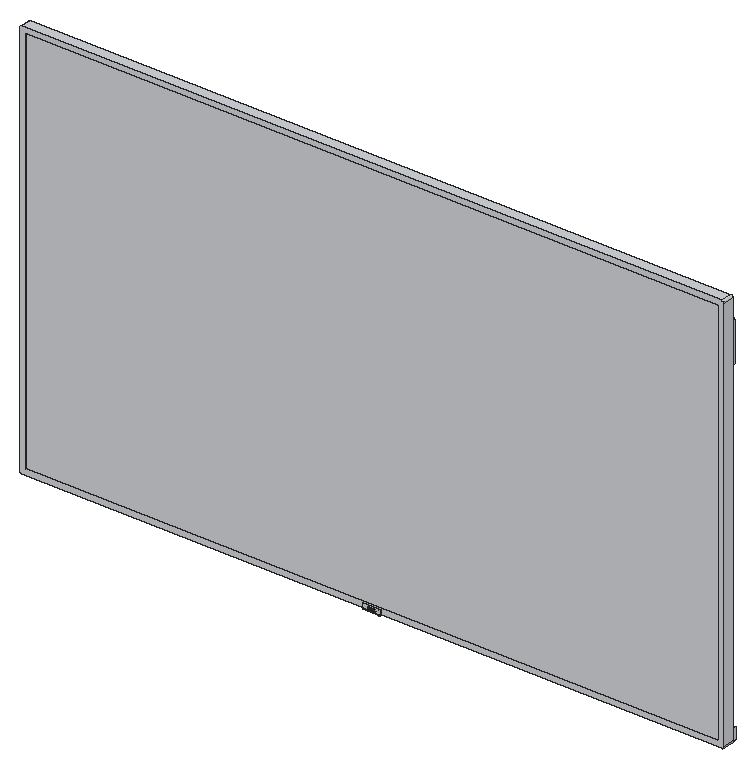
Revit family "C861Q (FINAL)", category Generic Models, Revit 2012
Parameters
  URL = "www.necdisplay.com"
  SENSORS- Temperature Sensor = "Integrated and programmable; linked to cooling fans"
  SENSORS- NFC Sensor = "Integrated; works in conjunction with free NEC Intelligent Wireless Data Application"
  SENSORS- Human Sensor = "Optional through KT-RC2 Accessory"
  SENSORS- Ambient Light Sensor = "Integrated and programmable"
  POWER CONSUMPTION- Speaker Rating = "Integrated 10W x 10W, Optional 15W x 2"
  POWER CONSUMPTION- On (Typ/Max Bightness/Overall Max) = "230W / 300W / 425W"
  POWER CONSUMPTION- Normal Standby = "0.5W"
  POWER CONSUMPTION- Network Standby = "2W"
  POWER CONSUMPTION- Current Rating = "5.0A @ 100V, 2.1A @ 240V"
  PHYSICAL SPECS- Vesa Hole Configuration = "8x M8 x 16mm (600 x 400, 400 x 400)"
  PHYSICAL SPECS- Net Weight (w/o Stand) = "127.2 lbs / 57.8 kg"
  PHYSICAL SPECS- Net Dimensions (w/o Stand, WxHxD) = "75.9 x 43.3 x 2.9 in. (1928.2 x 1099.2 x 74.3 mm)"
  PHYSICAL SPECS- Bezel Width (L/R, T/B) = "1530.0mm / 1530.0mm/ 1530.0mm/ 1530.0mm"
  Model = "C751Q"  # constant formula
  Manufacturer = "NEC Display Solutions"  # constant formula
  LCD MODULE- Contrast Ratio (Typical) = "1200:1 native, not included localized dimming"
  LCD MODULE- Viewing Angle = "178deg Vert., 178deg Hor (89U/89D/89L/89R) @ CR>10"
  LCD MODULE- Viewable Image Size = "86\""
  LCD MODULE- Panel Technology = "E-LED, S-IPS"
  LCD MODULE- Orientation = "Landscape and Portrait"
  LCD MODULE- Panel Haze (%) = "28"
  LCD MODULE- Native Resolution = "3840 x 2160"
  LCD MODULE- Displayable Colors = "Over 1.07 Billion"
  LCD MODULE- Brightness (Typical/Minimum) = "245 cd/sqm / 350 cd/sqm"
  LCD MODULE- Aspect Ratio = "16 : 9"
  ENVIRONMENTAL CONDITIONS- Operating Temperature = "0 to 40 C"
  ENVIRONMENTAL CONDITIONS- Operating Humidity = "20 - 80%"
  ENVIRONMENTAL CONDITIONS- Operating Altitude = "3000m (9843ft)"
  Description = "NEC Ultra High Definition Large Format Display"  # constant formula
  CONNECTIVITY- Output Terminals- External Control = "LAN (100mb)"
  CONNECTIVITY- Output Terminals- Digital = "HDMI 2.0x3 (with HDCP), DisplayPort 1.2x2 (with HDCP)"
  CONNECTIVITY- Output Terminals- Audio = "3.5mm Mini Jack, HDMI Audio x3, DisplayPort Audio x2"
  CONNECTIVITY- Input Terminals- External Control = "LAN (100Mbit), 3.5 Mini Jack IR Remote, RS232C"
  CONNECTIVITY- Input Terminals- Digital = "HDMI 2.0 x2 (with HDCP), DVI-D (with HDCP), DisplayPort x2 (with HDCP)"
  CONNECTIVITY- Input Terminals- Data = "microSD (Media Player), USB 2.0 (Media Player), USB 2.0 (Service), USB Type-B (Upstream), USB 2.0 x2 (Compute Module, USB CM1 is Powered 5V/2A)"
  CONNECTIVITY- Input Terminals- Audio = "3.5mm Audio Mini Jack x2, DisplayPort Audio x2, HDMI Audio x3"
  CONNECTIVITY- Input Terminals- Analog = "none"
Reference planes
  plane 1 "Center (Front/Back)": y = 0
  plane 2: z = 0
  plane 3 "Center (Left/Right)": x = 0
  plane 4: z = 1099.2
Forms (mm)
  Extrusion 1, solid
    sketch origin (0, 0, 0) x (1, 0, 0) y (0, 0, 1)
      loop
        line (-964.1, 1092.85) -> (-964.1, 6.35)
        arc (-964.1, 6.35) -> (-962.24, 1.86) -> (-957.75, 0) r 6.35
        line (-957.75, 0) -> (957.75, 0)
        arc (957.75, 0) -> (962.24, 1.86) -> (964.1, 6.35) r 6.35
        line (964.1, 6.35) -> (964.1, 1092.85)
        arc (964.1, 1092.85) -> (962.24, 1097.34) -> (957.75, 1099.2) r 6.35
        line (957.75, 1099.2) -> (-957.75, 1099.2)
        arc (-957.75, 1099.2) -> (-962.24, 1097.34) -> (-964.1, 1092.85) r 6.35
    from 52.5 to 82.8
  Extrusion 2, void
    sketch origin (0, 0, 0) x (1, 0, 0) y (0, 0, 1)
      loop
        line (-949.3, 14.8) -> (949.3, 14.8) -> (949.3, 1085.783) -> (-949.3, 1085.783) -> (-949.3, 14.8)
    from 79.882 to 113.336
  Extrusion 3, void
    sketch origin (0, -52.5, 0) x (1, 0, 0) y (0, 0, 1)
      loop
        circle (98.517, 260.526) r 4.65
      loop
        circle (-98.993, 260.526) r 4.65
      loop
        circle (-129.792, 466.837) r 4.65
      loop
        circle (129.317, 466.837) r 4.65
    from 0 to 20.692
  Blend 4, solid
    base sketch origin (0, -30.85, 616.982) x (0, 0, 1) y (1, 0, 0)
      loop
        arc (275.505, 669.037) -> (268.066, 686.997) -> (250.105, 694.437) r 25.4
        line (250.105, 694.437) -> (-461.518, 694.437)
        arc (-461.518, 694.437) -> (-479.479, 686.997) -> (-486.918, 669.037) r 25.4
        line (-486.918, 669.037) -> (-486.918, -669.037)
        arc (-486.918, -669.037) -> (-479.479, -686.997) -> (-461.518, -694.437) r 25.4
        line (-461.518, -694.437) -> (250.105, -694.437)
        arc (250.105, -694.437) -> (268.066, -686.997) -> (275.505, -669.037) r 25.4
        line (275.505, -669.037) -> (275.505, 669.037)
    top sketch origin (0, -30.85, 616.982) x (0, 0, 1) y (1, 0, 0)
      loop
        arc (175.973, 567.726) -> (172.253, 576.706) -> (163.273, 580.426) r 12.7
        line (163.273, 580.426) -> (-360.207, 580.426)
        arc (-360.207, 580.426) -> (-369.188, 576.706) -> (-372.907, 567.726) r 12.7
        line (-372.907, 567.726) -> (-372.907, -567.726)
        arc (-372.907, -567.726) -> (-369.188, -576.706) -> (-360.207, -580.426) r 12.7
        line (-360.207, -580.426) -> (163.273, -580.426)
        arc (163.273, -580.426) -> (172.253, -576.706) -> (175.973, -567.726) r 12.7
        line (175.973, -567.726) -> (175.973, 567.726)
    from -21.65 to 19.2
  Extrusion 5, solid
    sketch origin (124.06, -30.85, 616.982) x (0, 0, 1) y (1, 0, 0)
      loop
        spline (-533.312, 704.431) -> (-533.346, 704.953) -> (-533.448, 705.466) -> (-533.616, 705.961) -> (-533.848, 706.43) -> (-534.138, 706.865) -> (-534.483, 707.259) -> (-534.876, 707.604) -> (-535.311, 707.894) -> (-535.781, 708.126) -> (-536.276, 708.294) -> (-536.789, 708.396) -> (-537.311, 708.43)
        line (-537.311, 708.43) -> (-551.312, 708.43)
        spline (-551.312, 708.43) -> (-551.834, 708.396) -> (-552.348, 708.294) -> (-552.843, 708.126) -> (-553.312, 707.894) -> (-553.747, 707.604) -> (-554.14, 707.259) -> (-554.485, 706.865) -> (-554.776, 706.43) -> (-555.007, 705.961) -> (-555.175, 705.466) -> (-555.278, 704.953) -> (-555.312, 704.431)
        line (-555.312, 704.431) -> (-555.312, 542.429)
        spline (-555.312, 542.429) -> (-555.278, 541.907) -> (-555.175, 541.394) -> (-555.007, 540.899) -> (-554.776, 540.43) -> (-554.485, 539.995) -> (-554.14, 539.601) -> (-553.747, 539.256) -> (-553.312, 538.966) -> (-552.843, 538.734) -> (-552.348, 538.566) -> (-551.834, 538.464) -> (-551.312, 538.43)
        line (-551.312, 538.43) -> (-537.311, 538.43)
        spline (-537.311, 538.43) -> (-536.789, 538.464) -> (-536.276, 538.566) -> (-535.781, 538.734) -> (-535.311, 538.966) -> (-534.876, 539.256) -> (-534.483, 539.601) -> (-534.138, 539.995) -> (-533.848, 540.43) -> (-533.616, 540.899) -> (-533.448, 541.394) -> (-533.346, 541.907) -> (-533.312, 542.429)
        line (-533.312, 542.429) -> (-533.312, 704.431)
    from -21.65 to 37.2
  Extrusion 6, void
    sketch origin (77.783, 0, 0) x (1, 0, 0) y (0, 1, 0)
      loop
        line (576.137, -10.588) -> (670.723, -10.588)
        arc (670.723, -10.588) -> (682.054, -14.324) -> (688.941, -24.067) r 19.05
        line (688.941, -24.067) -> (696.925, -50.178) -> (714.756, -50.178) -> (714.756, 13.168) -> (530.606, 13.168) -> (530.606, -49.86) -> (550.033, -49.86) -> (557.919, -24.067)
        arc (557.919, -24.067) -> (564.805, -14.324) -> (576.137, -10.588) r 19.05
      loop
        arc (575, -18.588) -> (568.345, -21.26) -> (565.385, -27.792) r 9.624
        line (565.385, -27.792) -> (564.306, -52.5) -> (682.554, -52.5) -> (681.474, -27.773)
        arc (681.474, -27.773) -> (678.521, -21.254) -> (671.879, -18.588) r 9.604
        line (671.879, -18.588) -> (575, -18.588)
    from 52.047 to 91.346
  Extrusion 7, solid
    sketch origin (0, -30.85, 616.982) x (0, 0, 1) y (1, 0, 0)
      loop
        line (-616.982, 957.75) -> (-616.982, -957.75)
        arc (-616.982, -957.75) -> (-615.122, -962.24) -> (-610.632, -964.1) r 6.35
        line (-610.632, -964.1) -> (-580.582, -964.1) -> (-580.582, 964.1) -> (-610.632, 964.1)
        arc (-610.632, 964.1) -> (-615.122, 962.24) -> (-616.982, 957.75) r 6.35
    from -21.65 to -12.238
  Extrusion 8, solid
    sketch origin (123.5, 0, 0) x (0, 1, 0) y (0, 0, 1)
      loop
        line (-40.488, 7.62) -> (0, 7.62) -> (0, 139.12) -> (-50.488, 139.12) -> (-50.488, 41.42) -> (-40.488, 41.42) -> (-40.488, 7.62)
    from 733.99 to 757.99
  Extrusion 9, solid
    sketch origin (123.5, -30.85, 616.982) x (0, 0, 1) y (1, 0, 0)
      loop
        line (-493.862, 759.09) -> (-493.862, 758.09) -> (-477.362, 758.09) -> (-477.362, 733.89) -> (-493.862, 733.89) -> (-493.862, 732.89) -> (-477.366, 732.89)
        arc (-477.366, 732.89) -> (-476.656, 733.181) -> (-476.362, 733.89) r 1
        line (-476.362, 733.89) -> (-476.362, 758.09)
        arc (-476.362, 758.09) -> (-476.655, 758.797) -> (-477.362, 759.09) r 1
        line (-477.362, 759.09) -> (-493.862, 759.09)
    from -17.663 to 29.362
  Extrusion 10, solid
    sketch origin (123.5, -30.85, 616.982) x (0, 0, 1) y (1, 0, 0)
      loop
        line (-479.868, 772.29) -> (-554.068, 772.29)
        arc (-554.068, 772.29) -> (-555.475, 771.705) -> (-556.062, 770.297) r 2
        line (-556.062, 770.297) -> (-556.062, 757.99) -> (-477.862, 757.99) -> (-477.862, 770.294)
        arc (-477.862, 770.294) -> (-478.451, 771.708) -> (-479.868, 772.29) r 2
      loop
        line (-556.062, 733.99) -> (-556.062, 721.682)
        arc (-556.062, 721.682) -> (-555.47, 720.27) -> (-554.052, 719.69) r 2
        line (-554.052, 719.69) -> (-479.872, 719.69)
        arc (-479.872, 719.69) -> (-478.452, 720.271) -> (-477.862, 721.686) r 2
        line (-477.862, 721.686) -> (-477.862, 733.99) -> (-556.062, 733.99)
    from -21.65 to -19.328
  Blend 11, solid
    base sketch origin (0, -30.85, 616.982) x (0, 0, 1) y (1, 0, 0)
      loop
        line (-506.303, 247.422) -> (-506.303, 481.178)
        arc (-506.303, 481.178) -> (-510.023, 490.159) -> (-519.003, 493.878) r 12.7
        line (-519.003, 493.878) -> (-566.56, 493.878)
        arc (-566.56, 493.878) -> (-575.54, 490.159) -> (-579.26, 481.178) r 12.7
        line (-579.26, 481.178) -> (-579.26, 247.422)
        arc (-579.26, 247.422) -> (-575.54, 238.441) -> (-566.56, 234.722) r 12.7
        line (-566.56, 234.722) -> (-519.003, 234.722)
        arc (-519.003, 234.722) -> (-510.023, 238.441) -> (-506.303, 247.422) r 12.7
    top sketch origin (0, -30.85, 616.982) x (0, 0, 1) y (1, 0, 0)
      loop
        arc (-515.696, 480.9) -> (-516.749, 483.439) -> (-519.291, 484.486) r 3.586
        line (-519.291, 484.486) -> (-566.291, 484.486)
        arc (-566.291, 484.486) -> (-568.82, 483.432) -> (-569.868, 480.9) r 3.586
        line (-569.868, 480.9) -> (-569.868, 247.7)
        arc (-569.868, 247.7) -> (-568.82, 245.167) -> (-566.289, 244.114) r 3.586
        line (-566.289, 244.114) -> (-519.289, 244.114)
        arc (-519.289, 244.114) -> (-516.749, 245.162) -> (-515.696, 247.7) r 3.586
        line (-515.696, 247.7) -> (-515.696, 480.9)
    from -21.65 to -17.538
  Extrusion 12, void
    sketch origin (0, -48.388, 616.982) x (0, 0, -1) y (1, 0, 0)
      loop
        line (535.072, 454.142) -> (535.072, 370.429)
        arc (535.072, 370.429) -> (536.632, 366.661) -> (540.4, 365.1) r 5.329
        line (540.4, 365.1) -> (552.514, 365.1)
        arc (552.514, 365.1) -> (556.302, 366.669) -> (557.872, 370.458) r 5.358
        line (557.872, 370.458) -> (557.872, 454.142)
        arc (557.872, 454.142) -> (556.302, 457.931) -> (552.514, 459.5) r 5.358
        line (552.514, 459.5) -> (540.43, 459.5)
        arc (540.43, 459.5) -> (536.641, 457.931) -> (535.072, 454.142) r 5.358
    from 8.405 to -9.36
  Extrusion 13, solid
    sketch origin (0, -30.85, 616.982) x (0, 0, 1) y (1, 0, 0)
      loop
        circle (-546.072, 447.3) r 3.007
      loop
        circle (-546.072, 437.3) r 3.007
      loop
        circle (-546.072, 427.3) r 2.988
      loop
        circle (-546.072, 417.3) r 3.007
      loop
        circle (-546.072, 407.3) r 3.007
      loop
        circle (-546.072, 397.3) r 3.007
      loop
        circle (-546.072, 387.3) r 3.007
      loop
        circle (-546.072, 377.3) r 3.007
    from -25.943 to -21.65
  Extrusion 14, void
    sketch origin (0, -11.65, 616.982) x (0, 0, -1) y (1, 0, 0)
      loop
        circle (-62.818, 250) r 9.061
      loop
        circle (337.182, 250) r 9.061
      loop
        circle (337.182, -250) r 9.061
      loop
        circle (-62.818, -250) r 9.061
    from 19.092 to -9.003
  Extrusion 15, void
    sketch origin (0, -11.65, 616.982) x (0, 0, -1) y (1, 0, 0)
      loop
        line (87.181, 160) -> (7.182, 160) -> (7.182, 135.347)
        arc (7.182, 135.347) -> (9.14, 126.238) -> (14.666, 118.736) r 22.179
        line (14.666, 118.736) -> (66.585, 72.804) -> (7.183, 72.801) -> (7.182, 57.602) -> (87.181, 57.605) -> (87.181, 83.318)
        arc (87.181, 83.318) -> (85.068, 93.154) -> (79.102, 101.254) r 23.949
        line (79.102, 101.254) -> (29.882, 144.803) -> (87.181, 144.803) -> (87.181, 160)
      loop
        line (7.176, 44.324) -> (7.184, -50.238) -> (18.547, -50.238) -> (18.547, 11.044) -> (39.024, 11.044) -> (39.024, -44.639) -> (50.261, -44.639) -> (50.261, 11.044) -> (66.271, 11.043)
        arc (66.271, 11.043) -> (72.686, 8.386) -> (75.343, 1.972) r 9.071
        line (75.343, 1.972) -> (75.343, -51.038) -> (87.18, -51.038)
        arc (87.18, -51.038) -> (87.854, -20.076) -> (87.18, 10.886) r 711.698
        arc (87.18, 10.886) -> (86.368, 20.715) -> (84.794, 30.45) r 126.705
        arc (84.794, 30.45) -> (78.793, 40.413) -> (67.839, 44.324) r 17.297
        line (67.839, 44.324) -> (7.176, 44.324)
      loop
        line (6.274, -158.561) -> (17.847, -158.561)
        arc (17.847, -158.561) -> (14.707, -133.161) -> (17.847, -107.761) r 104.326
        arc (17.847, -107.761) -> (21.385, -100.831) -> (27.596, -96.143) r 17.356
        arc (27.596, -96.143) -> (47.876, -92.515) -> (67.497, -98.797) r 42.735
        arc (67.497, -98.797) -> (72.126, -103.307) -> (74.781, -109.2) r 17.329
        arc (74.781, -109.2) -> (77.788, -134.6) -> (74.781, -160) r 108.774
        line (74.781, -160) -> (87.688, -160)
        arc (87.688, -160) -> (90.325, -128.25) -> (87.688, -96.5) r 192.504
        arc (87.688, -96.5) -> (85.13, -86.108) -> (81.032, -76.221) r 70.717
        arc (81.032, -76.221) -> (50.091, -55.453) -> (16.231, -71.016) r 38.1
        arc (16.231, -71.016) -> (9.825, -82.447) -> (6.274, -95.061) r 55.568
        arc (6.274, -95.061) -> (3.789, -126.811) -> (6.274, -158.561) r 204.062
      loop
        line (64.716, 511.9) -> (64.716, 374.9)
        arc (64.716, 374.9) -> (67.986, 367.005) -> (75.882, 363.734) r 11.166
        line (75.882, 363.734) -> (209.382, 363.734)
        arc (209.382, 363.734) -> (217.277, 367.005) -> (220.547, 374.9) r 11.166
        line (220.547, 374.9) -> (220.547, 511.9)
        arc (220.547, 511.9) -> (217.277, 519.795) -> (209.382, 523.066) r 11.166
        line (209.382, 523.066) -> (75.882, 523.066)
        arc (75.882, 523.066) -> (67.986, 519.795) -> (64.716, 511.9) r 11.166
      loop
        line (220.816, 153.995) -> (220.816, 0.995)
        arc (220.816, 0.995) -> (222.507, -3.079) -> (226.582, -4.766) r 5.766
        line (226.582, -4.766) -> (332.582, -4.766)
        arc (332.582, -4.766) -> (336.659, -3.077) -> (338.347, 1) r 5.766
        line (338.347, 1) -> (338.347, 154)
        arc (338.347, 154) -> (336.659, 158.077) -> (332.582, 159.766) r 5.766
        line (332.582, 159.766) -> (226.582, 159.766)
        arc (226.582, 159.766) -> (222.503, 158.075) -> (220.816, 153.995) r 5.766
      loop
        line (147.182, -462.4) -> (147.182, -572.4) -> (297.182, -572.4) -> (297.182, -462.4) -> (147.182, -462.4)
      loop
        line (53.182, -517.4) -> (53.182, -572.4) -> (71.182, -572.4) -> (71.182, -517.4) -> (53.182, -517.4)
      loop
        line (81.182, -532.4) -> (81.182, -572.4) -> (103.182, -572.4) -> (103.182, -532.4) -> (81.182, -532.4)
      loop
        line (113.182, -523.4) -> (113.182, -572.4) -> (137.182, -572.4) -> (137.182, -523.4) -> (113.182, -523.4)
    from 0.816 to -6.572
  Extrusion 16, void
    sketch origin (0, -11.65, 616.982) x (0, 0, -1) y (1, 0, 0)
      loop
        line (56.232, 574.7) -> (324.032, 574.7) -> (324.032, 711.5) -> (56.232, 711.5) -> (56.232, 574.7)
    from 40.85 to -11.65
  Extrusion 17, solid
    sketch origin (123.5, -30.85, 747.411) x (0, 0, 1) y (1, 0, 0)
      loop
        line (291.962, 811.93) -> (129.445, 811.93)
        spline (129.445, 811.93) -> (128.923, 811.896) -> (128.41, 811.794) -> (127.915, 811.626) -> (127.446, 811.394) -> (127.011, 811.104) -> (126.617, 810.759) -> (126.272, 810.365) -> (125.982, 809.93) -> (125.75, 809.461) -> (125.582, 808.966) -> (125.48, 808.453) -> (125.446, 807.931)
        line (125.446, 807.931) -> (125.446, 793.929)
        spline (125.446, 793.929) -> (125.48, 793.407) -> (125.582, 792.894) -> (125.75, 792.399) -> (125.982, 791.93) -> (126.272, 791.495) -> (126.617, 791.101) -> (127.011, 790.756) -> (127.446, 790.466) -> (127.915, 790.234) -> (128.41, 790.066) -> (128.923, 789.964) -> (129.445, 789.93)
        line (129.445, 789.93) -> (291.962, 789.93)
        spline (291.962, 789.93) -> (292.485, 789.964) -> (292.998, 790.066) -> (293.493, 790.234) -> (293.962, 790.466) -> (294.397, 790.756) -> (294.791, 791.101) -> (295.135, 791.495) -> (295.426, 791.93) -> (295.657, 792.399) -> (295.826, 792.894) -> (295.928, 793.407) -> (295.962, 793.929)
        line (295.962, 793.929) -> (295.962, 807.931)
        spline (295.962, 807.931) -> (295.928, 808.453) -> (295.826, 808.966) -> (295.657, 809.461) -> (295.426, 809.93) -> (295.135, 810.365) -> (294.791, 810.759) -> (294.397, 811.104) -> (293.962, 811.394) -> (293.493, 811.626) -> (292.998, 811.794) -> (292.485, 811.896) -> (291.962, 811.93)
    from -21.65 to 25.85
  Extrusion 18, void
    sketch origin (935.43, -5, 1039.374) x (0, 1, 0) y (0, 0, -1)
      loop
        line (-5.588, 128.294) -> (-5.588, 32.82)
        arc (-5.588, 32.82) -> (-9.09, 22.2) -> (-18.224, 15.748) r 17.851
        line (-18.224, 15.748) -> (-44.488, 7.717) -> (-44.488, -7.283) -> (9.976, -7.283) -> (9.976, 184.284) -> (-44.488, 184.284) -> (-44.488, 154.284) -> (-19.067, 146.511)
        arc (-19.067, 146.511) -> (-9.324, 139.625) -> (-5.588, 128.294) r 19.05
      loop
        line (-47.5, 21.877) -> (-23.08, 22.943)
        arc (-23.08, 22.943) -> (-16.344, 25.993) -> (-13.588, 32.855) r 9.922
        line (-13.588, 32.855) -> (-13.588, 129.136)
        arc (-13.588, 129.136) -> (-16.345, 136.004) -> (-23.087, 139.059) r 9.932
        line (-23.087, 139.059) -> (-47.5, 140.124) -> (-47.5, 21.877)
    from 0 to 22
  Extrusion 19, solid
    sketch origin (-123.5, -30.85, 747.411) x (0, 0, 1) y (1, 0, 0)
      loop
        spline (291.962, -811.93) -> (292.485, -811.896) -> (292.998, -811.794) -> (293.493, -811.626) -> (293.962, -811.394) -> (294.397, -811.104) -> (294.791, -810.759) -> (295.135, -810.365) -> (295.426, -809.93) -> (295.657, -809.461) -> (295.826, -808.966) -> (295.928, -808.453) -> (295.962, -807.931)
        line (295.962, -807.931) -> (295.962, -793.929)
        spline (295.962, -793.929) -> (295.928, -793.407) -> (295.826, -792.894) -> (295.657, -792.399) -> (295.426, -791.93) -> (295.135, -791.495) -> (294.791, -791.101) -> (294.397, -790.756) -> (293.962, -790.466) -> (293.493, -790.234) -> (292.998, -790.066) -> (292.485, -789.964) -> (291.962, -789.93)
        line (291.962, -789.93) -> (129.445, -789.93)
        spline (129.445, -789.93) -> (128.923, -789.964) -> (128.41, -790.066) -> (127.915, -790.234) -> (127.446, -790.466) -> (127.011, -790.756) -> (126.617, -791.101) -> (126.272, -791.495) -> (125.982, -791.93) -> (125.75, -792.399) -> (125.582, -792.894) -> (125.48, -793.407) -> (125.446, -793.929)
        line (125.446, -793.929) -> (125.446, -807.931)
        spline (125.446, -807.931) -> (125.48, -808.453) -> (125.582, -808.966) -> (125.75, -809.461) -> (125.982, -809.93) -> (126.272, -810.365) -> (126.617, -810.759) -> (127.011, -811.104) -> (127.446, -811.394) -> (127.915, -811.626) -> (128.41, -811.794) -> (128.923, -811.896) -> (129.445, -811.93)
        line (129.445, -811.93) -> (291.962, -811.93)
    from -21.65 to 25.85
  Extrusion 20, void
    sketch origin (-935.43, -5, 876.857) x (0, 1, 0) y (0, 0, 1)
      loop
        arc (-5.588, 34.223) -> (-9.324, 22.892) -> (-19.067, 16.006) r 19.05
        line (-19.067, 16.006) -> (-44.488, 8.233) -> (-44.488, -21.767) -> (9.976, -21.767) -> (9.976, 169.8) -> (-44.488, 169.8) -> (-44.488, 154.8) -> (-18.224, 146.769)
        arc (-18.224, 146.769) -> (-9.09, 140.317) -> (-5.588, 129.697) r 17.851
        line (-5.588, 129.697) -> (-5.588, 34.223)
      loop
        line (-47.5, 140.64) -> (-47.5, 22.393) -> (-23.087, 23.459)
        arc (-23.087, 23.459) -> (-16.345, 26.513) -> (-13.588, 33.382) r 9.932
        line (-13.588, 33.382) -> (-13.588, 129.662)
        arc (-13.588, 129.662) -> (-16.344, 136.524) -> (-23.08, 139.574) r 9.922
        line (-23.08, 139.574) -> (-47.5, 140.64)
    from 0 to 22
  Extrusion 21, solid
    sketch origin (-124.06, -30.85, 616.982) x (0, 0, 1) y (1, 0, 0)
      loop
        line (-533.312, -704.431) -> (-533.312, -542.429)
        spline (-533.312, -542.429) -> (-533.346, -541.907) -> (-533.448, -541.394) -> (-533.616, -540.899) -> (-533.848, -540.43) -> (-534.138, -539.995) -> (-534.483, -539.601) -> (-534.876, -539.256) -> (-535.311, -538.966) -> (-535.781, -538.734) -> (-536.276, -538.566) -> (-536.789, -538.464) -> (-537.311, -538.43)
        line (-537.311, -538.43) -> (-551.312, -538.43)
        spline (-551.312, -538.43) -> (-551.834, -538.464) -> (-552.348, -538.566) -> (-552.843, -538.734) -> (-553.312, -538.966) -> (-553.747, -539.256) -> (-554.14, -539.601) -> (-554.485, -539.995) -> (-554.776, -540.43) -> (-555.007, -540.899) -> (-555.175, -541.394) -> (-555.278, -541.907) -> (-555.312, -542.429)
        line (-555.312, -542.429) -> (-555.312, -704.431)
        spline (-555.312, -704.431) -> (-555.278, -704.953) -> (-555.175, -705.466) -> (-555.007, -705.961) -> (-554.776, -706.43) -> (-554.485, -706.865) -> (-554.14, -707.259) -> (-553.747, -707.604) -> (-553.312, -707.894) -> (-552.843, -708.126) -> (-552.348, -708.294) -> (-551.834, -708.396) -> (-551.312, -708.43)
        line (-551.312, -708.43) -> (-537.311, -708.43)
        spline (-537.311, -708.43) -> (-536.789, -708.396) -> (-536.276, -708.294) -> (-535.781, -708.126) -> (-535.311, -707.894) -> (-534.876, -707.604) -> (-534.483, -707.259) -> (-534.138, -706.865) -> (-533.848, -706.43) -> (-533.616, -705.961) -> (-533.448, -705.466) -> (-533.346, -704.953) -> (-533.312, -704.431)
    from -21.65 to 37.2
  Extrusion 22, void
    sketch origin (-124.06, 0, 0) x (-1, 0, 0) y (0, -1, 0)
      loop
        arc (576.137, 10.588) -> (564.805, 14.324) -> (557.919, 24.067) r 19.05
        line (557.919, 24.067) -> (550.033, 49.86) -> (530.606, 49.86) -> (530.606, -13.168) -> (714.756, -13.168) -> (714.756, 50.178) -> (696.925, 50.178) -> (688.941, 24.067)
        arc (688.941, 24.067) -> (682.054, 14.324) -> (670.723, 10.588) r 19.05
        line (670.723, 10.588) -> (576.137, 10.588)
      loop
        line (575, 18.588) -> (671.879, 18.588)
        arc (671.879, 18.588) -> (678.521, 21.254) -> (681.474, 27.773) r 9.604
        line (681.474, 27.773) -> (682.554, 52.5) -> (564.306, 52.5) -> (565.385, 27.792)
        arc (565.385, 27.792) -> (568.345, 21.26) -> (575, 18.588) r 9.624
    from 52.047 to 91.346
  Extrusion 23, solid
    sketch origin (-123.5, 0, 0) x (0, 1, 0) y (0, 0, -1)
      loop
        line (-40.488, -7.62) -> (-40.488, -41.42) -> (-50.488, -41.42) -> (-50.488, -139.12) -> (0, -139.12) -> (0, -7.62) -> (-40.488, -7.62)
    from 733.99 to 757.99
  Extrusion 24, solid
    sketch origin (-123.5, -30.85, 616.982) x (0, 0, 1) y (1, 0, 0)
      loop
        line (-493.862, -759.09) -> (-477.362, -759.09)
        arc (-477.362, -759.09) -> (-476.655, -758.797) -> (-476.362, -758.09) r 1
        line (-476.362, -758.09) -> (-476.362, -733.89)
        arc (-476.362, -733.89) -> (-476.656, -733.181) -> (-477.366, -732.89) r 1
        line (-477.366, -732.89) -> (-493.862, -732.89) -> (-493.862, -733.89) -> (-477.362, -733.89) -> (-477.362, -758.09) -> (-493.862, -758.09) -> (-493.862, -759.09)
    from -17.663 to 29.362
  Extrusion 25, solid
    sketch origin (-123.5, -30.85, 616.982) x (0, 0, 1) y (1, 0, 0)
      loop
        arc (-479.868, -772.29) -> (-478.451, -771.708) -> (-477.862, -770.294) r 2
        line (-477.862, -770.294) -> (-477.862, -757.99) -> (-556.062, -757.99) -> (-556.062, -770.297)
        arc (-556.062, -770.297) -> (-555.475, -771.705) -> (-554.068, -772.29) r 2
        line (-554.068, -772.29) -> (-479.868, -772.29)
      loop
        line (-556.062, -733.99) -> (-477.862, -733.99) -> (-477.862, -721.686)
        arc (-477.862, -721.686) -> (-478.452, -720.271) -> (-479.872, -719.69) r 2
        line (-479.872, -719.69) -> (-554.052, -719.69)
        arc (-554.052, -719.69) -> (-555.47, -720.27) -> (-556.062, -721.682) r 2
        line (-556.062, -721.682) -> (-556.062, -733.99)
    from -21.65 to -19.328
  Extrusion 26, solid
    sketch origin (-0.023, 0, 0) x (1, 0, 0) y (0, 0, 1)
      loop
        line (-9.961, 2.001) -> (-9.007, 2.001) -> (-9.007, 5.547) -> (-6.275, 2.5)
        arc (-6.275, 2.5) -> (-5.769, 2.131) -> (-5.157, 2.001) r 1.502
        line (-5.157, 2.001) -> (-3.574, 2.001) -> (-3.574, 7) -> (-4.532, 7) -> (-4.532, 3.338) -> (-7.319, 6.429)
        arc (-7.319, 6.429) -> (-7.901, 6.851) -> (-8.603, 7) r 1.729
        line (-8.603, 7) -> (-9.961, 7) -> (-9.961, 2.001)
      loop
        line (-2.725, 7) -> (-2.725, 3.297)
        arc (-2.725, 3.297) -> (-2.326, 2.335) -> (-1.364, 1.937) r 1.36
        line (-1.364, 1.937) -> (3.249, 1.937) -> (3.249, 2.748) -> (-0.098, 2.748)
        arc (-0.098, 2.748) -> (-0.481, 2.907) -> (-0.64, 3.29) r 0.542
        line (-0.64, 3.29) -> (-0.64, 4.175) -> (2.839, 4.175) -> (2.839, 5.016) -> (-0.64, 5.016) -> (-0.64, 6.16) -> (3.178, 6.16) -> (3.178, 7) -> (-2.725, 7)
      loop
        arc (9.964, 7) -> (7.934, 7.2) -> (5.904, 7) r 10.398
        arc (5.904, 7) -> (5.347, 6.84) -> (4.824, 6.59) r 3.487
        arc (4.824, 6.59) -> (3.614, 4.234) -> (5.238, 2.141) r 2.465
        arc (5.238, 2.141) -> (5.626, 2.03) -> (6.025, 1.968) r 3.176
        arc (6.025, 1.968) -> (8.03, 1.836) -> (10.035, 1.968) r 15.265
        line (10.035, 1.968) -> (10.035, 2.882)
        arc (10.035, 2.882) -> (8.597, 2.624) -> (7.141, 2.747) r 5.618
        arc (7.141, 2.747) -> (5.683, 4.48) -> (6.989, 6.33) r 1.854
        arc (6.989, 6.33) -> (8.494, 6.507) -> (9.964, 6.138) r 4.19
        line (9.964, 6.138) -> (9.964, 7)
    from 83.703 to 83.988
  Extrusion 27, solid
    sketch origin (-0.023, 0, 0) x (0, 1, 0) y (0, 0, 1)
      loop
        arc (-83.703, -1.561) -> (-83.479, -2.102) -> (-82.938, -2.326) r 0.765
        line (-82.938, -2.326) -> (-56.991, -2.326) -> (-56.788, 0) -> (-82.901, 0) -> (-82.901, 11.557) -> (-83.703, 11.515) -> (-83.703, -1.561)
    from -24.915 to 24.96
Cuts and joins
  Extrusion 2, Extrusion 3, Extrusion 6, Extrusion 12, Extrusion 14, Extrusion 15, Extrusion 16, Extrusion 20, Extrusion 22 cuts Extrusion 1
  Extrusion 6, Extrusion 14, Extrusion 15, Extrusion 16 cuts Blend 4
  Extrusion 6, Extrusion 22 cuts Extrusion 5
  Extrusion 12 cuts Blend 11
  Extrusion 18 cuts Extrusion 17
  Extrusion 20 cuts Extrusion 19
  Extrusion 22 cuts Extrusion 21
Lines and regions (mm)
  reference lines
    curve 1: line (543.19, -30.85, 130.063) -> (1523.19, -30.85, 130.063)
Dimensions and locks
  cut or joined group 1 (Extrusion 1, Extrusion 2, Extrusion 3, Extrusion 6, Extrusion 12, Extrusion 14, Extrusion 15, Extrusion 16, Extrusion 20, Extrusion 22) to cut or joined group 1 = 1928.20 mm  (x2)
  level to cut or joined group 1 = 1099.20 mm
  aligned and locked: plane 2 to level
  aligned and locked: Extrusion 1 sketch curve to level
